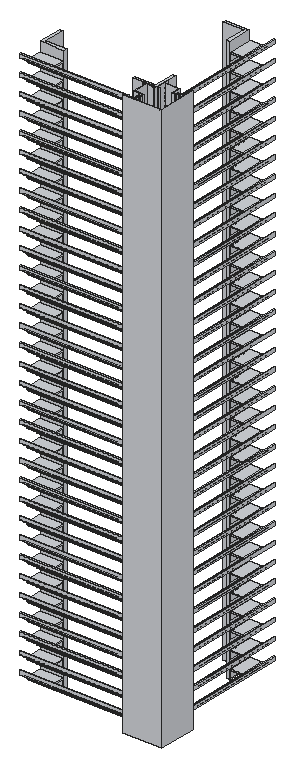
Revit family "ES-EL-2 (Box Corner)", category Mechanical Equipment, Revit 2015 (continued)
Automatic sketch dimensions
  Extrusion 18 sketch curve to Extrusion 18 sketch curve = 0' - 0.14616"
  Extrusion 18 sketch curve to Extrusion 18 sketch curve = 0' - 0.28177"
  Extrusion 18 sketch curve to Extrusion 18 sketch curve = 0' - 0.11395"
  Extrusion 18 sketch curve to Extrusion 18 sketch curve = 0' - 0.02803"
  Extrusion 18 sketch curve to Extrusion 18 sketch curve = 0' - 0.04285"
  Extrusion 18 sketch curve to Extrusion 18 sketch curve = 0' - 0.05082"
  Extrusion 18 sketch curve to Extrusion 18 sketch curve = 0' - 0.04592"
  Extrusion 18 sketch curve to Extrusion 18 sketch curve = 0' - 0.05616"
  Extrusion 18 sketch curve to Extrusion 18 sketch curve = 0' - 0.04871"
  Extrusion 19 sketch curve to Extrusion 19 sketch curve = 0' - 0.059"
  Extrusion 19 sketch curve to Extrusion 19 sketch curve = 0' - 0.09455"
  Extrusion 19 sketch curve to Extrusion 19 sketch curve = 0' - 0.16713"
  Extrusion 19 sketch curve to Extrusion 19 sketch curve = 0' - 0.10396"
  Extrusion 19 sketch curve to Extrusion 19 sketch curve = 0' - 0.04188"
  Extrusion 19 sketch curve to Extrusion 19 sketch curve = 0' - 0.07328"
  Extrusion 19 sketch curve to Extrusion 19 sketch curve = 0' - 0.03705"
  Extrusion 19 sketch curve to Extrusion 19 sketch curve = 0' - 0.06678"
  Extrusion 19 sketch curve to Extrusion 19 sketch curve = 0' - 0.03441"
  Extrusion 19 sketch curve to Extrusion 19 sketch curve = 0' - 0.08971"
  Extrusion 19 sketch curve to Extrusion 19 sketch curve = 0' - 0.06591"
  Extrusion 19 sketch curve to Extrusion 19 sketch curve = 0' - 0.02101"
  Extrusion 19 sketch curve to Extrusion 19 sketch curve = 0' - 0.08093"
  Extrusion 19 sketch curve to Extrusion 19 sketch curve = 0' - 0.0092"
  Extrusion 19 sketch curve to Extrusion 19 sketch curve = 0' - 0.0249"
  Extrusion 19 sketch curve to Extrusion 19 sketch curve = 0' - 0.04679"
  Extrusion 19 sketch curve to Extrusion 19 sketch curve = 0' - 0.04475"
  Extrusion 19 sketch curve to Extrusion 19 sketch curve = 0' - 0.03472"
  Extrusion 19 sketch curve to Extrusion 19 sketch curve = 0' - 0.04794"
  Extrusion 19 sketch curve to Extrusion 19 sketch curve = 0' - 0.09251"
  Extrusion 19 sketch curve to Extrusion 19 sketch curve = 0' - 0.01641"
  Extrusion 19 sketch curve to Extrusion 19 sketch curve = 0' - 0.10787"
  Extrusion 19 sketch curve to Extrusion 19 sketch curve = 0' - 0.07052"
  Extrusion 19 sketch curve to Extrusion 19 sketch curve = 0' - 0.02971"
  Extrusion 19 sketch curve to Extrusion 19 sketch curve = 0' - 0.03652"
  Extrusion 19 sketch curve to Extrusion 19 sketch curve = 0' - 0.06407"
  Extrusion 19 sketch curve to Extrusion 19 sketch curve = 0' - 0.0028"
  Extrusion 19 sketch curve to Extrusion 19 sketch curve = 0' - 0.17908"
  Extrusion 19 sketch curve to Extrusion 19 sketch curve = 0' - 0.0484"
  Extrusion 19 sketch curve to Extrusion 19 sketch curve = 0' - 0.00685"
  Extrusion 19 sketch curve to Extrusion 19 sketch curve = 0' - 0.02635"
  Extrusion 19 sketch curve to Extrusion 19 sketch curve = 0' - 0.03989"
  Extrusion 19 sketch curve to Extrusion 19 sketch curve = 0' - 0.07851"
  Extrusion 19 sketch curve to Extrusion 19 sketch curve = 0' - 0.04274"
  Extrusion 19 sketch curve to Extrusion 19 sketch curve = 0' - 0.05351"
  Extrusion 19 sketch curve to Extrusion 19 sketch curve = 0' - 0.13725"
  Extrusion 19 sketch curve to Extrusion 19 sketch curve = 0' - 0.01694"
  Extrusion 19 sketch curve to Extrusion 19 sketch curve = 0' - 0.06256"
  Extrusion 19 sketch curve to Extrusion 19 sketch curve = 0' - 0.06379"
  Extrusion 19 sketch curve to Extrusion 19 sketch curve = 0' - 0.06947"
  Extrusion 19 sketch curve to Extrusion 19 sketch curve = 0' - 0.00615"
  Extrusion 19 sketch curve to Extrusion 19 sketch curve = 0' - 0.0107"
  Extrusion 19 sketch curve to Extrusion 19 sketch curve = 0' - 0.06383"
  Extrusion 19 sketch curve to Extrusion 19 sketch curve = 0' - 0.00524"
  Extrusion 19 sketch curve to Extrusion 19 sketch curve = 0' - 0.05333"
  Extrusion 19 sketch curve to Extrusion 19 sketch curve = 0' - 0.02167"
  Extrusion 19 sketch curve to Extrusion 19 sketch curve = 0' - 0.06255"
  Extrusion 19 sketch curve to Extrusion 19 sketch curve = 0' - 0.01996"
  Extrusion 19 sketch curve to Extrusion 19 sketch curve = 0' - 0.07389"
  Extrusion 19 sketch curve to Extrusion 19 sketch curve = 0' - 0.08882"
  Extrusion 19 sketch curve to Extrusion 19 sketch curve = 0' - 0.14048"
  Extrusion 19 sketch curve to Extrusion 19 sketch curve = 0' - 0.13587"
  Extrusion 19 sketch curve to Extrusion 19 sketch curve = 0' - 0.03118"
  Extrusion 19 sketch curve to Extrusion 19 sketch curve = 0' - 0.07571"
  Extrusion 19 sketch curve to Extrusion 19 sketch curve = 0' - 0.01536"
  Extrusion 19 sketch curve to Extrusion 19 sketch curve = 0' - 0.04056"
  Extrusion 19 sketch curve to Extrusion 19 sketch curve = 0' - 0.01509"
  Extrusion 19 sketch curve to Extrusion 19 sketch curve = 0' - 0.03469"
  Extrusion 19 sketch curve to Extrusion 19 sketch curve = 0' - 0.06126"
  Extrusion 19 sketch curve to Extrusion 19 sketch curve = 0' - 0.11488"
  Extrusion 19 sketch curve to Extrusion 19 sketch curve = 0' - 0.04313"
  Extrusion 19 sketch curve to Extrusion 19 sketch curve = 0' - 0.03758"
  Extrusion 19 sketch curve to Extrusion 19 sketch curve = 0' - 0.00683"
  Extrusion 19 sketch curve to Extrusion 19 sketch curve = 0' - 0.05466"
  Extrusion 19 sketch curve to Extrusion 19 sketch curve = 0' - 0.08634"
  Extrusion 19 sketch curve to Extrusion 19 sketch curve = 0' - 0.0603"
  Extrusion 19 sketch curve to Extrusion 19 sketch curve = 0' - 0.05923"
  Extrusion 19 sketch curve to Extrusion 19 sketch curve = 0' - 0.03824"
  Extrusion 19 sketch curve to Extrusion 19 sketch curve = 0' - 0.02856"
  Extrusion 19 sketch curve to Extrusion 19 sketch curve = 0' - 0.01716"
  Extrusion 19 sketch curve to Extrusion 19 sketch curve = 0' - 0.08747"
  Extrusion 19 sketch curve to Extrusion 19 sketch curve = 0' - 0.01878"
  Extrusion 19 sketch curve to Extrusion 19 sketch curve = 0' - 0.03113"
  Extrusion 19 sketch curve to Extrusion 19 sketch curve = 0' - 0.06323"
  Extrusion 19 sketch curve to Extrusion 19 sketch curve = 0' - 0.04564"
  Extrusion 19 sketch curve to Extrusion 19 sketch curve = 0' - 0.03681"
  Extrusion 19 sketch curve to Extrusion 19 sketch curve = 0' - 0.00656"
  Extrusion 19 sketch curve to Extrusion 19 sketch curve = 0' - 0.04106"
  Extrusion 19 sketch curve to Extrusion 19 sketch curve = 0' - 0.04775"
  Extrusion 19 sketch curve to Extrusion 19 sketch curve = 0' - 0.03768"
  Extrusion 19 sketch curve to Extrusion 19 sketch curve = 0' - 0.03841"
  Extrusion 19 sketch curve to Extrusion 19 sketch curve = 0' - 0.03993"
  Extrusion 19 sketch curve to Extrusion 19 sketch curve = 0' - 0.01637"
  Extrusion 19 sketch curve to Extrusion 19 sketch curve = 0' - 0 1/8"
  Extrusion 19 sketch curve to Extrusion 19 sketch curve = 0' - 0.03201"
  Extrusion 19 sketch curve to Extrusion 19 sketch curve = 0' - 0.01218"
  Extrusion 19 sketch curve to Extrusion 19 sketch curve = 0' - 0.00093"
  Extrusion 19 sketch curve to Extrusion 19 sketch curve = 0' - 0.06293"
  Extrusion 19 sketch curve to Extrusion 19 sketch curve = 0' - 0.01359"
  Extrusion 19 sketch curve to Extrusion 19 sketch curve = 0' - 0.06169"
  Extrusion 19 sketch curve to Extrusion 19 sketch curve = 0' - 0.06257"
  Extrusion 19 sketch curve to Extrusion 19 sketch curve = 0' - 0.20021"
  Extrusion 19 sketch curve to Extrusion 19 sketch curve = 0' - 0.05817"
  Extrusion 19 sketch curve to Extrusion 19 sketch curve = 0' - 0.14616"
  Extrusion 19 sketch curve to Extrusion 19 sketch curve = 0' - 0.28177"
  Extrusion 19 sketch curve to Extrusion 19 sketch curve = 0' - 0.11395"
  Extrusion 19 sketch curve to Extrusion 19 sketch curve = 0' - 0.02803"
  Extrusion 19 sketch curve to Extrusion 19 sketch curve = 0' - 0.04285"
  Extrusion 19 sketch curve to Extrusion 19 sketch curve = 0' - 0.05082"
  Extrusion 19 sketch curve to Extrusion 19 sketch curve = 0' - 0.04592"
  Extrusion 19 sketch curve to Extrusion 19 sketch curve = 0' - 0.05616"
  Extrusion 19 sketch curve to Extrusion 19 sketch curve = 0' - 0.04871"
  Extrusion 20 sketch curve to Extrusion 20 sketch curve = 0' - 0.059"
  Extrusion 20 sketch curve to Extrusion 20 sketch curve = 0' - 0.09455"
  Extrusion 20 sketch curve to Extrusion 20 sketch curve = 0' - 0.16713"
  Extrusion 20 sketch curve to Extrusion 20 sketch curve = 0' - 0.10396"
  Extrusion 20 sketch curve to Extrusion 20 sketch curve = 0' - 0.04188"
  Extrusion 20 sketch curve to Extrusion 20 sketch curve = 0' - 0.07328"
  Extrusion 20 sketch curve to Extrusion 20 sketch curve = 0' - 0.03705"
  Extrusion 20 sketch curve to Extrusion 20 sketch curve = 0' - 0.06678"
  Extrusion 20 sketch curve to Extrusion 20 sketch curve = 0' - 0.03441"
  Extrusion 20 sketch curve to Extrusion 20 sketch curve = 0' - 0.08971"
  Extrusion 20 sketch curve to Extrusion 20 sketch curve = 0' - 0.06591"
  Extrusion 20 sketch curve to Extrusion 20 sketch curve = 0' - 0.02101"
  Extrusion 20 sketch curve to Extrusion 20 sketch curve = 0' - 0.08093"
  Extrusion 20 sketch curve to Extrusion 20 sketch curve = 0' - 0.0092"
  Extrusion 20 sketch curve to Extrusion 20 sketch curve = 0' - 0.0249"
  Extrusion 20 sketch curve to Extrusion 20 sketch curve = 0' - 0.04679"
  Extrusion 20 sketch curve to Extrusion 20 sketch curve = 0' - 0.04475"
  Extrusion 20 sketch curve to Extrusion 20 sketch curve = 0' - 0.03472"
  Extrusion 20 sketch curve to Extrusion 20 sketch curve = 0' - 0.04794"
  Extrusion 20 sketch curve to Extrusion 20 sketch curve = 0' - 0.09251"
  Extrusion 20 sketch curve to Extrusion 20 sketch curve = 0' - 0.01641"
  Extrusion 20 sketch curve to Extrusion 20 sketch curve = 0' - 0.10787"
  Extrusion 20 sketch curve to Extrusion 20 sketch curve = 0' - 0.07052"
  Extrusion 20 sketch curve to Extrusion 20 sketch curve = 0' - 0.02971"
  Extrusion 20 sketch curve to Extrusion 20 sketch curve = 0' - 0.03652"
  Extrusion 20 sketch curve to Extrusion 20 sketch curve = 0' - 0.06407"
  Extrusion 20 sketch curve to Extrusion 20 sketch curve = 0' - 0.0028"
  Extrusion 20 sketch curve to Extrusion 20 sketch curve = 0' - 0.17908"
  Extrusion 20 sketch curve to Extrusion 20 sketch curve = 0' - 0.0484"
  Extrusion 20 sketch curve to Extrusion 20 sketch curve = 0' - 0.00685"
  Extrusion 20 sketch curve to Extrusion 20 sketch curve = 0' - 0.02635"
  Extrusion 20 sketch curve to Extrusion 20 sketch curve = 0' - 0.03989"
  Extrusion 20 sketch curve to Extrusion 20 sketch curve = 0' - 0.07851"
  Extrusion 20 sketch curve to Extrusion 20 sketch curve = 0' - 0.04274"
  Extrusion 20 sketch curve to Extrusion 20 sketch curve = 0' - 0.05351"
  Extrusion 20 sketch curve to Extrusion 20 sketch curve = 0' - 0.13725"
  Extrusion 20 sketch curve to Extrusion 20 sketch curve = 0' - 0.01694"
  Extrusion 20 sketch curve to Extrusion 20 sketch curve = 0' - 0.06256"
  Extrusion 20 sketch curve to Extrusion 20 sketch curve = 0' - 0.06379"
  Extrusion 20 sketch curve to Extrusion 20 sketch curve = 0' - 0.06947"
  Extrusion 20 sketch curve to Extrusion 20 sketch curve = 0' - 0.00615"
  Extrusion 20 sketch curve to Extrusion 20 sketch curve = 0' - 0.0107"
  Extrusion 20 sketch curve to Extrusion 20 sketch curve = 0' - 0.06383"
  Extrusion 20 sketch curve to Extrusion 20 sketch curve = 0' - 0.00524"
  Extrusion 20 sketch curve to Extrusion 20 sketch curve = 0' - 0.05333"
  Extrusion 20 sketch curve to Extrusion 20 sketch curve = 0' - 0.02167"
  Extrusion 20 sketch curve to Extrusion 20 sketch curve = 0' - 0.06255"
  Extrusion 20 sketch curve to Extrusion 20 sketch curve = 0' - 0.01996"
  Extrusion 20 sketch curve to Extrusion 20 sketch curve = 0' - 0.07389"
  Extrusion 20 sketch curve to Extrusion 20 sketch curve = 0' - 0.08882"
  Extrusion 20 sketch curve to Extrusion 20 sketch curve = 0' - 0.14048"
  Extrusion 20 sketch curve to Extrusion 20 sketch curve = 0' - 0.13587"
  Extrusion 20 sketch curve to Extrusion 20 sketch curve = 0' - 0.03118"
  Extrusion 20 sketch curve to Extrusion 20 sketch curve = 0' - 0.07571"
  Extrusion 20 sketch curve to Extrusion 20 sketch curve = 0' - 0.01536"
  Extrusion 20 sketch curve to Extrusion 20 sketch curve = 0' - 0.04056"
  Extrusion 20 sketch curve to Extrusion 20 sketch curve = 0' - 0.01509"
  Extrusion 20 sketch curve to Extrusion 20 sketch curve = 0' - 0.03469"
  Extrusion 20 sketch curve to Extrusion 20 sketch curve = 0' - 0.06126"
  Extrusion 20 sketch curve to Extrusion 20 sketch curve = 0' - 0.11488"
  Extrusion 20 sketch curve to Extrusion 20 sketch curve = 0' - 0.04313"
  Extrusion 20 sketch curve to Extrusion 20 sketch curve = 0' - 0.03758"
  Extrusion 20 sketch curve to Extrusion 20 sketch curve = 0' - 0.00683"
  Extrusion 20 sketch curve to Extrusion 20 sketch curve = 0' - 0.05466"
  Extrusion 20 sketch curve to Extrusion 20 sketch curve = 0' - 0.08634"
  Extrusion 20 sketch curve to Extrusion 20 sketch curve = 0' - 0.0603"
  Extrusion 20 sketch curve to Extrusion 20 sketch curve = 0' - 0.05923"
  Extrusion 20 sketch curve to Extrusion 20 sketch curve = 0' - 0.03824"
  Extrusion 20 sketch curve to Extrusion 20 sketch curve = 0' - 0.02856"
  Extrusion 20 sketch curve to Extrusion 20 sketch curve = 0' - 0.01716"
  Extrusion 20 sketch curve to Extrusion 20 sketch curve = 0' - 0.08747"
  Extrusion 20 sketch curve to Extrusion 20 sketch curve = 0' - 0.01878"
  Extrusion 20 sketch curve to Extrusion 20 sketch curve = 0' - 0.03113"
  Extrusion 20 sketch curve to Extrusion 20 sketch curve = 0' - 0.06323"
  Extrusion 20 sketch curve to Extrusion 20 sketch curve = 0' - 0.04564"
  Extrusion 20 sketch curve to Extrusion 20 sketch curve = 0' - 0.03681"
  Extrusion 20 sketch curve to Extrusion 20 sketch curve = 0' - 0.00656"
  Extrusion 20 sketch curve to Extrusion 20 sketch curve = 0' - 0.04106"
  Extrusion 20 sketch curve to Extrusion 20 sketch curve = 0' - 0.04775"
  Extrusion 20 sketch curve to Extrusion 20 sketch curve = 0' - 0.03768"
  Extrusion 20 sketch curve to Extrusion 20 sketch curve = 0' - 0.03841"
  Extrusion 20 sketch curve to Extrusion 20 sketch curve = 0' - 0.03993"
  Extrusion 20 sketch curve to Extrusion 20 sketch curve = 0' - 0.01637"
  Extrusion 20 sketch curve to Extrusion 20 sketch curve = 0' - 0 1/8"
  Extrusion 20 sketch curve to Extrusion 20 sketch curve = 0' - 0.03201"
  Extrusion 20 sketch curve to Extrusion 20 sketch curve = 0' - 0.01218"
  Extrusion 20 sketch curve to Extrusion 20 sketch curve = 0' - 0.00093"
  Extrusion 20 sketch curve to Extrusion 20 sketch curve = 0' - 0.06293"
  Extrusion 20 sketch curve to Extrusion 20 sketch curve = 0' - 0.01359"
  Extrusion 20 sketch curve to Extrusion 20 sketch curve = 0' - 0.06169"
  Extrusion 20 sketch curve to Extrusion 20 sketch curve = 0' - 0.06257"
  Extrusion 20 sketch curve to Extrusion 20 sketch curve = 0' - 0.20021"
  Extrusion 20 sketch curve to Extrusion 20 sketch curve = 0' - 0.05817"
  Extrusion 20 sketch curve to Extrusion 20 sketch curve = 0' - 0.14616"
  Extrusion 20 sketch curve to Extrusion 20 sketch curve = 0' - 0.28177"
  Extrusion 20 sketch curve to Extrusion 20 sketch curve = 0' - 0.11395"
  Extrusion 20 sketch curve to Extrusion 20 sketch curve = 0' - 0.02803"
  Extrusion 20 sketch curve to Extrusion 20 sketch curve = 0' - 0.04285"
  Extrusion 20 sketch curve to Extrusion 20 sketch curve = 0' - 0.05082"
  Extrusion 20 sketch curve to Extrusion 20 sketch curve = 0' - 0.04592"
  Extrusion 20 sketch curve to Extrusion 20 sketch curve = 0' - 0.05616"
  Extrusion 20 sketch curve to Extrusion 20 sketch curve = 0' - 0.04871"
  Extrusion 21 sketch curve to Extrusion 21 sketch curve = 0' - 0.059"
  Extrusion 21 sketch curve to Extrusion 21 sketch curve = 0' - 0.09455"
  Extrusion 21 sketch curve to Extrusion 21 sketch curve = 0' - 0.16713"
  Extrusion 21 sketch curve to Extrusion 21 sketch curve = 0' - 0.10396"
  Extrusion 21 sketch curve to Extrusion 21 sketch curve = 0' - 0.04188"
  Extrusion 21 sketch curve to Extrusion 21 sketch curve = 0' - 0.07328"
  Extrusion 21 sketch curve to Extrusion 21 sketch curve = 0' - 0.03705"
  Extrusion 21 sketch curve to Extrusion 21 sketch curve = 0' - 0.06678"
  Extrusion 21 sketch curve to Extrusion 21 sketch curve = 0' - 0.03441"
  Extrusion 21 sketch curve to Extrusion 21 sketch curve = 0' - 0.08971"
  Extrusion 21 sketch curve to Extrusion 21 sketch curve = 0' - 0.06591"
  Extrusion 21 sketch curve to Extrusion 21 sketch curve = 0' - 0.02101"
  Extrusion 21 sketch curve to Extrusion 21 sketch curve = 0' - 0.08093"
  Extrusion 21 sketch curve to Extrusion 21 sketch curve = 0' - 0.0092"
  Extrusion 21 sketch curve to Extrusion 21 sketch curve = 0' - 0.0249"
  Extrusion 21 sketch curve to Extrusion 21 sketch curve = 0' - 0.04679"
  Extrusion 21 sketch curve to Extrusion 21 sketch curve = 0' - 0.04475"
  Extrusion 21 sketch curve to Extrusion 21 sketch curve = 0' - 0.03472"
  Extrusion 21 sketch curve to Extrusion 21 sketch curve = 0' - 0.04794"
  Extrusion 21 sketch curve to Extrusion 21 sketch curve = 0' - 0.09251"
  Extrusion 21 sketch curve to Extrusion 21 sketch curve = 0' - 0.01641"
  Extrusion 21 sketch curve to Extrusion 21 sketch curve = 0' - 0.10787"
  Extrusion 21 sketch curve to Extrusion 21 sketch curve = 0' - 0.07052"
  Extrusion 21 sketch curve to Extrusion 21 sketch curve = 0' - 0.02971"
  Extrusion 21 sketch curve to Extrusion 21 sketch curve = 0' - 0.03652"
  Extrusion 21 sketch curve to Extrusion 21 sketch curve = 0' - 0.06407"
  Extrusion 21 sketch curve to Extrusion 21 sketch curve = 0' - 0.0028"
  Extrusion 21 sketch curve to Extrusion 21 sketch curve = 0' - 0.17908"
  Extrusion 21 sketch curve to Extrusion 21 sketch curve = 0' - 0.0484"
  Extrusion 21 sketch curve to Extrusion 21 sketch curve = 0' - 0.00685"
  Extrusion 21 sketch curve to Extrusion 21 sketch curve = 0' - 0.02635"
  Extrusion 21 sketch curve to Extrusion 21 sketch curve = 0' - 0.03989"
  Extrusion 21 sketch curve to Extrusion 21 sketch curve = 0' - 0.07851"
  Extrusion 21 sketch curve to Extrusion 21 sketch curve = 0' - 0.04274"
  Extrusion 21 sketch curve to Extrusion 21 sketch curve = 0' - 0.05351"
  Extrusion 21 sketch curve to Extrusion 21 sketch curve = 0' - 0.13725"
  Extrusion 21 sketch curve to Extrusion 21 sketch curve = 0' - 0.01694"
  Extrusion 21 sketch curve to Extrusion 21 sketch curve = 0' - 0.06256"
  Extrusion 21 sketch curve to Extrusion 21 sketch curve = 0' - 0.06379"
  Extrusion 21 sketch curve to Extrusion 21 sketch curve = 0' - 0.06947"
  Extrusion 21 sketch curve to Extrusion 21 sketch curve = 0' - 0.00615"
  Extrusion 21 sketch curve to Extrusion 21 sketch curve = 0' - 0.0107"
  Extrusion 21 sketch curve to Extrusion 21 sketch curve = 0' - 0.06383"
  Extrusion 21 sketch curve to Extrusion 21 sketch curve = 0' - 0.00524"
  Extrusion 21 sketch curve to Extrusion 21 sketch curve = 0' - 0.05333"
  Extrusion 21 sketch curve to Extrusion 21 sketch curve = 0' - 0.02167"
  Extrusion 21 sketch curve to Extrusion 21 sketch curve = 0' - 0.06255"
  Extrusion 21 sketch curve to Extrusion 21 sketch curve = 0' - 0.01996"
  Extrusion 21 sketch curve to Extrusion 21 sketch curve = 0' - 0.07389"
  Extrusion 21 sketch curve to Extrusion 21 sketch curve = 0' - 0.08882"
  Extrusion 21 sketch curve to Extrusion 21 sketch curve = 0' - 0.14048"
  Extrusion 21 sketch curve to Extrusion 21 sketch curve = 0' - 0.13587"
  Extrusion 21 sketch curve to Extrusion 21 sketch curve = 0' - 0.03118"
  Extrusion 21 sketch curve to Extrusion 21 sketch curve = 0' - 0.07571"
  Extrusion 21 sketch curve to Extrusion 21 sketch curve = 0' - 0.01536"
  Extrusion 21 sketch curve to Extrusion 21 sketch curve = 0' - 0.04056"
  Extrusion 21 sketch curve to Extrusion 21 sketch curve = 0' - 0.01509"
  Extrusion 21 sketch curve to Extrusion 21 sketch curve = 0' - 0.03469"
  Extrusion 21 sketch curve to Extrusion 21 sketch curve = 0' - 0.06126"
  Extrusion 21 sketch curve to Extrusion 21 sketch curve = 0' - 0.11488"
  Extrusion 21 sketch curve to Extrusion 21 sketch curve = 0' - 0.04313"
  Extrusion 21 sketch curve to Extrusion 21 sketch curve = 0' - 0.03758"
  Extrusion 21 sketch curve to Extrusion 21 sketch curve = 0' - 0.00683"
  Extrusion 21 sketch curve to Extrusion 21 sketch curve = 0' - 0.05466"
  Extrusion 21 sketch curve to Extrusion 21 sketch curve = 0' - 0.08634"
  Extrusion 21 sketch curve to Extrusion 21 sketch curve = 0' - 0.0603"
  Extrusion 21 sketch curve to Extrusion 21 sketch curve = 0' - 0.05923"
  Extrusion 21 sketch curve to Extrusion 21 sketch curve = 0' - 0.03824"
  Extrusion 21 sketch curve to Extrusion 21 sketch curve = 0' - 0.02856"
  Extrusion 21 sketch curve to Extrusion 21 sketch curve = 0' - 0.01716"
  Extrusion 21 sketch curve to Extrusion 21 sketch curve = 0' - 0.08747"
  Extrusion 21 sketch curve to Extrusion 21 sketch curve = 0' - 0.01878"
  Extrusion 21 sketch curve to Extrusion 21 sketch curve = 0' - 0.03113"
  Extrusion 21 sketch curve to Extrusion 21 sketch curve = 0' - 0.06323"
  Extrusion 21 sketch curve to Extrusion 21 sketch curve = 0' - 0.04564"
  Extrusion 21 sketch curve to Extrusion 21 sketch curve = 0' - 0.03681"
  Extrusion 21 sketch curve to Extrusion 21 sketch curve = 0' - 0.00656"
  Extrusion 21 sketch curve to Extrusion 21 sketch curve = 0' - 0.04106"
  Extrusion 21 sketch curve to Extrusion 21 sketch curve = 0' - 0.04775"
  Extrusion 21 sketch curve to Extrusion 21 sketch curve = 0' - 0.03768"
  Extrusion 21 sketch curve to Extrusion 21 sketch curve = 0' - 0.03841"
  Extrusion 21 sketch curve to Extrusion 21 sketch curve = 0' - 0.03993"
  Extrusion 21 sketch curve to Extrusion 21 sketch curve = 0' - 0.01637"
  Extrusion 21 sketch curve to Extrusion 21 sketch curve = 0' - 0 1/8"
  Extrusion 21 sketch curve to Extrusion 21 sketch curve = 0' - 0.03201"
  Extrusion 21 sketch curve to Extrusion 21 sketch curve = 0' - 0.01218"
  Extrusion 21 sketch curve to Extrusion 21 sketch curve = 0' - 0.00093"
  Extrusion 21 sketch curve to Extrusion 21 sketch curve = 0' - 0.06293"
  Extrusion 21 sketch curve to Extrusion 21 sketch curve = 0' - 0.01359"
  Extrusion 21 sketch curve to Extrusion 21 sketch curve = 0' - 0.06169"
  Extrusion 21 sketch curve to Extrusion 21 sketch curve = 0' - 0.06257"
  Extrusion 21 sketch curve to Extrusion 21 sketch curve = 0' - 0.20021"
  Extrusion 21 sketch curve to Extrusion 21 sketch curve = 0' - 0.05817"
  Extrusion 21 sketch curve to Extrusion 21 sketch curve = 0' - 0.14616"
  Extrusion 21 sketch curve to Extrusion 21 sketch curve = 0' - 0.28177"
  Extrusion 21 sketch curve to Extrusion 21 sketch curve = 0' - 0.11395"
  Extrusion 21 sketch curve to Extrusion 21 sketch curve = 0' - 0.02803"
  Extrusion 21 sketch curve to Extrusion 21 sketch curve = 0' - 0.04285"
  Extrusion 21 sketch curve to Extrusion 21 sketch curve = 0' - 0.05082"
  Extrusion 21 sketch curve to Extrusion 21 sketch curve = 0' - 0.04592"
  Extrusion 21 sketch curve to Extrusion 21 sketch curve = 0' - 0.05616"
  Extrusion 21 sketch curve to Extrusion 21 sketch curve = 0' - 0.04871"
  Extrusion 4 sketch curve to Extrusion 4 sketch curve = 0' - 0.14616"
  Extrusion 4 sketch curve to Extrusion 4 sketch curve = 0' - 0.04871"
  Extrusion 4 sketch curve to Extrusion 4 sketch curve = 0' - 0.05895"
  Extrusion 4 sketch curve to Extrusion 4 sketch curve = 0' - 0.04592"
  Extrusion 4 sketch curve to Extrusion 4 sketch curve = 0' - 0.05389"
  Extrusion 4 sketch curve to Extrusion 4 sketch curve = 0' - 0.04285"
  Extrusion 4 sketch curve to Extrusion 4 sketch curve = 0' - 0.07088"
  Extrusion 4 sketch curve to Extrusion 4 sketch curve = 0' - 0.11395"
  Extrusion 4 sketch curve to Extrusion 4 sketch curve = 0' - 0.28177"
  Extrusion 22 sketch curve to Extrusion 22 sketch curve = 0' - 0.059"
  Extrusion 22 sketch curve to Extrusion 22 sketch curve = 0' - 0.09455"
  Extrusion 22 sketch curve to Extrusion 22 sketch curve = 0' - 0.16713"
  Extrusion 22 sketch curve to Extrusion 22 sketch curve = 0' - 0.10396"
  Extrusion 22 sketch curve to Extrusion 22 sketch curve = 0' - 0.04188"
  Extrusion 22 sketch curve to Extrusion 22 sketch curve = 0' - 0.07328"
  Extrusion 22 sketch curve to Extrusion 22 sketch curve = 0' - 0.03705"
  Extrusion 22 sketch curve to Extrusion 22 sketch curve = 0' - 0.06678"
  Extrusion 22 sketch curve to Extrusion 22 sketch curve = 0' - 0.03441"
  Extrusion 22 sketch curve to Extrusion 22 sketch curve = 0' - 0.08971"
  Extrusion 22 sketch curve to Extrusion 22 sketch curve = 0' - 0.06591"
  Extrusion 22 sketch curve to Extrusion 22 sketch curve = 0' - 0.02101"
  Extrusion 22 sketch curve to Extrusion 22 sketch curve = 0' - 0.08093"
  Extrusion 22 sketch curve to Extrusion 22 sketch curve = 0' - 0.0092"
  Extrusion 22 sketch curve to Extrusion 22 sketch curve = 0' - 0.0249"
  Extrusion 22 sketch curve to Extrusion 22 sketch curve = 0' - 0.04679"
  Extrusion 22 sketch curve to Extrusion 22 sketch curve = 0' - 0.04475"
  Extrusion 22 sketch curve to Extrusion 22 sketch curve = 0' - 0.03472"
  Extrusion 22 sketch curve to Extrusion 22 sketch curve = 0' - 0.04794"
  Extrusion 22 sketch curve to Extrusion 22 sketch curve = 0' - 0.09251"
  Extrusion 22 sketch curve to Extrusion 22 sketch curve = 0' - 0.01641"
  Extrusion 22 sketch curve to Extrusion 22 sketch curve = 0' - 0.10787"
  Extrusion 22 sketch curve to Extrusion 22 sketch curve = 0' - 0.07052"
  Extrusion 22 sketch curve to Extrusion 22 sketch curve = 0' - 0.02971"
  Extrusion 22 sketch curve to Extrusion 22 sketch curve = 0' - 0.03652"
  Extrusion 22 sketch curve to Extrusion 22 sketch curve = 0' - 0.06407"
  Extrusion 22 sketch curve to Extrusion 22 sketch curve = 0' - 0.0028"
  Extrusion 22 sketch curve to Extrusion 22 sketch curve = 0' - 0.17908"
  Extrusion 22 sketch curve to Extrusion 22 sketch curve = 0' - 0.0484"
  Extrusion 22 sketch curve to Extrusion 22 sketch curve = 0' - 0.00685"
  Extrusion 22 sketch curve to Extrusion 22 sketch curve = 0' - 0.02635"
  Extrusion 22 sketch curve to Extrusion 22 sketch curve = 0' - 0.03989"
  Extrusion 22 sketch curve to Extrusion 22 sketch curve = 0' - 0.07851"
  Extrusion 22 sketch curve to Extrusion 22 sketch curve = 0' - 0.04274"
  Extrusion 22 sketch curve to Extrusion 22 sketch curve = 0' - 0.05351"
  Extrusion 22 sketch curve to Extrusion 22 sketch curve = 0' - 0.13725"
  Extrusion 22 sketch curve to Extrusion 22 sketch curve = 0' - 0.01694"
  Extrusion 22 sketch curve to Extrusion 22 sketch curve = 0' - 0.06256"
  Extrusion 22 sketch curve to Extrusion 22 sketch curve = 0' - 0.06379"
  Extrusion 22 sketch curve to Extrusion 22 sketch curve = 0' - 0.06947"
  Extrusion 22 sketch curve to Extrusion 22 sketch curve = 0' - 0.00615"
  Extrusion 22 sketch curve to Extrusion 22 sketch curve = 0' - 0.0107"
  Extrusion 22 sketch curve to Extrusion 22 sketch curve = 0' - 0.06383"
  Extrusion 22 sketch curve to Extrusion 22 sketch curve = 0' - 0.00524"
  Extrusion 22 sketch curve to Extrusion 22 sketch curve = 0' - 0.05333"
  Extrusion 22 sketch curve to Extrusion 22 sketch curve = 0' - 0.02167"
  Extrusion 22 sketch curve to Extrusion 22 sketch curve = 0' - 0.06255"
  Extrusion 22 sketch curve to Extrusion 22 sketch curve = 0' - 0.01996"
  Extrusion 22 sketch curve to Extrusion 22 sketch curve = 0' - 0.07389"
  Extrusion 22 sketch curve to Extrusion 22 sketch curve = 0' - 0.08882"
  Extrusion 22 sketch curve to Extrusion 22 sketch curve = 0' - 0.14048"
  Extrusion 22 sketch curve to Extrusion 22 sketch curve = 0' - 0.07571"
  Extrusion 22 sketch curve to Extrusion 22 sketch curve = 0' - 0.01536"
  Extrusion 22 sketch curve to Extrusion 22 sketch curve = 0' - 0.04056"
  Extrusion 22 sketch curve to Extrusion 22 sketch curve = 0' - 0.01509"
  Extrusion 22 sketch curve to Extrusion 22 sketch curve = 0' - 0.03469"
  Extrusion 22 sketch curve to Extrusion 22 sketch curve = 0' - 0.06126"
  Extrusion 22 sketch curve to Extrusion 22 sketch curve = 0' - 0.11488"
  Extrusion 22 sketch curve to Extrusion 22 sketch curve = 0' - 0.04313"
  Extrusion 22 sketch curve to Extrusion 22 sketch curve = 0' - 0.03758"
  Extrusion 22 sketch curve to Extrusion 22 sketch curve = 0' - 0.00683"
  Extrusion 22 sketch curve to Extrusion 22 sketch curve = 0' - 0.05466"
  Extrusion 22 sketch curve to Extrusion 22 sketch curve = 0' - 0.08634"
  Extrusion 22 sketch curve to Extrusion 22 sketch curve = 0' - 0.0603"
  Extrusion 22 sketch curve to Extrusion 22 sketch curve = 0' - 0.05923"
  Extrusion 22 sketch curve to Extrusion 22 sketch curve = 0' - 0.03824"
  Extrusion 22 sketch curve to Extrusion 22 sketch curve = 0' - 0.02856"
  Extrusion 22 sketch curve to Extrusion 22 sketch curve = 0' - 0.01716"
  Extrusion 22 sketch curve to Extrusion 22 sketch curve = 0' - 0.08747"
  Extrusion 22 sketch curve to Extrusion 22 sketch curve = 0' - 0.01878"
  Extrusion 22 sketch curve to Extrusion 22 sketch curve = 0' - 0.03113"
  Extrusion 22 sketch curve to Extrusion 22 sketch curve = 0' - 0.06323"
  Extrusion 22 sketch curve to Extrusion 22 sketch curve = 0' - 0.04564"
  Extrusion 22 sketch curve to Extrusion 22 sketch curve = 0' - 0.03681"
  Extrusion 22 sketch curve to Extrusion 22 sketch curve = 0' - 0.00656"
  Extrusion 22 sketch curve to Extrusion 22 sketch curve = 0' - 0.04106"
  Extrusion 22 sketch curve to Extrusion 22 sketch curve = 0' - 0.04775"
  Extrusion 22 sketch curve to Extrusion 22 sketch curve = 0' - 0.03768"
  Extrusion 22 sketch curve to Extrusion 22 sketch curve = 0' - 0.03841"
  Extrusion 22 sketch curve to Extrusion 22 sketch curve = 0' - 0.03993"
  Extrusion 22 sketch curve to Extrusion 22 sketch curve = 0' - 0.01637"
  Extrusion 22 sketch curve to Extrusion 22 sketch curve = 0' - 0 1/8"
  Extrusion 22 sketch curve to Extrusion 22 sketch curve = 0' - 0.03201"
  Extrusion 22 sketch curve to Extrusion 22 sketch curve = 0' - 0.01218"
  Extrusion 22 sketch curve to Extrusion 22 sketch curve = 0' - 0.00093"
  Extrusion 22 sketch curve to Extrusion 22 sketch curve = 0' - 0.06293"
  Extrusion 22 sketch curve to Extrusion 22 sketch curve = 0' - 0.01359"
  Extrusion 22 sketch curve to Extrusion 22 sketch curve = 0' - 0.06169"
  Extrusion 22 sketch curve to Extrusion 22 sketch curve = 0' - 0.06257"
  Extrusion 22 sketch curve to Extrusion 22 sketch curve = 0' - 0.20021"
  Extrusion 22 sketch curve to Extrusion 22 sketch curve = 0' - 0.05817"
  Extrusion 22 sketch curve to Extrusion 22 sketch curve = 0' - 0.10469"
  Extrusion 22 sketch curve to Extrusion 22 sketch curve = 0' - 0.03118"
  Extrusion 22 sketch curve to Extrusion 22 sketch curve = 0' - 0.14616"
  Extrusion 22 sketch curve to Extrusion 22 sketch curve = 0' - 0.04871"
  Extrusion 22 sketch curve to Extrusion 22 sketch curve = 0' - 0.05895"
  Extrusion 22 sketch curve to Extrusion 22 sketch curve = 0' - 0.04592"
  Extrusion 22 sketch curve to Extrusion 22 sketch curve = 0' - 0.05389"
  Extrusion 22 sketch curve to Extrusion 22 sketch curve = 0' - 0.04285"
  Extrusion 22 sketch curve to Extrusion 22 sketch curve = 0' - 0.07088"
  Extrusion 22 sketch curve to Extrusion 22 sketch curve = 0' - 0.11395"
  Extrusion 22 sketch curve to Extrusion 22 sketch curve = 0' - 0.28177"
  Extrusion 23 sketch curve to Extrusion 23 sketch curve = 0' - 0.059"
  Extrusion 23 sketch curve to Extrusion 23 sketch curve = 0' - 0.09455"
  Extrusion 23 sketch curve to Extrusion 23 sketch curve = 0' - 0.16713"
  Extrusion 23 sketch curve to Extrusion 23 sketch curve = 0' - 0.10396"
  Extrusion 23 sketch curve to Extrusion 23 sketch curve = 0' - 0.04188"
  Extrusion 23 sketch curve to Extrusion 23 sketch curve = 0' - 0.07328"
  Extrusion 23 sketch curve to Extrusion 23 sketch curve = 0' - 0.03705"
  Extrusion 23 sketch curve to Extrusion 23 sketch curve = 0' - 0.06678"
  Extrusion 23 sketch curve to Extrusion 23 sketch curve = 0' - 0.03441"
  Extrusion 23 sketch curve to Extrusion 23 sketch curve = 0' - 0.08971"
  Extrusion 23 sketch curve to Extrusion 23 sketch curve = 0' - 0.06591"
  Extrusion 23 sketch curve to Extrusion 23 sketch curve = 0' - 0.02101"
  Extrusion 23 sketch curve to Extrusion 23 sketch curve = 0' - 0.08093"
  Extrusion 23 sketch curve to Extrusion 23 sketch curve = 0' - 0.0092"
  Extrusion 23 sketch curve to Extrusion 23 sketch curve = 0' - 0.0249"
  Extrusion 23 sketch curve to Extrusion 23 sketch curve = 0' - 0.04679"
  Extrusion 23 sketch curve to Extrusion 23 sketch curve = 0' - 0.04475"
  Extrusion 23 sketch curve to Extrusion 23 sketch curve = 0' - 0.03472"
  Extrusion 23 sketch curve to Extrusion 23 sketch curve = 0' - 0.04794"
  Extrusion 23 sketch curve to Extrusion 23 sketch curve = 0' - 0.09251"
  Extrusion 23 sketch curve to Extrusion 23 sketch curve = 0' - 0.01641"
  Extrusion 23 sketch curve to Extrusion 23 sketch curve = 0' - 0.10787"
  Extrusion 23 sketch curve to Extrusion 23 sketch curve = 0' - 0.07052"
  Extrusion 23 sketch curve to Extrusion 23 sketch curve = 0' - 0.02971"
  Extrusion 23 sketch curve to Extrusion 23 sketch curve = 0' - 0.03652"
  Extrusion 23 sketch curve to Extrusion 23 sketch curve = 0' - 0.06407"
  Extrusion 23 sketch curve to Extrusion 23 sketch curve = 0' - 0.0028"
  Extrusion 23 sketch curve to Extrusion 23 sketch curve = 0' - 0.17908"
  Extrusion 23 sketch curve to Extrusion 23 sketch curve = 0' - 0.0484"
  Extrusion 23 sketch curve to Extrusion 23 sketch curve = 0' - 0.00685"
  Extrusion 23 sketch curve to Extrusion 23 sketch curve = 0' - 0.02635"
  Extrusion 23 sketch curve to Extrusion 23 sketch curve = 0' - 0.03989"
  Extrusion 23 sketch curve to Extrusion 23 sketch curve = 0' - 0.07851"
  Extrusion 23 sketch curve to Extrusion 23 sketch curve = 0' - 0.04274"
  Extrusion 23 sketch curve to Extrusion 23 sketch curve = 0' - 0.05351"
  Extrusion 23 sketch curve to Extrusion 23 sketch curve = 0' - 0.13725"
  Extrusion 23 sketch curve to Extrusion 23 sketch curve = 0' - 0.01694"
  Extrusion 23 sketch curve to Extrusion 23 sketch curve = 0' - 0.06256"
  Extrusion 23 sketch curve to Extrusion 23 sketch curve = 0' - 0.06379"
  Extrusion 23 sketch curve to Extrusion 23 sketch curve = 0' - 0.06947"
  Extrusion 23 sketch curve to Extrusion 23 sketch curve = 0' - 0.00615"
  Extrusion 23 sketch curve to Extrusion 23 sketch curve = 0' - 0.0107"
  Extrusion 23 sketch curve to Extrusion 23 sketch curve = 0' - 0.06383"
  Extrusion 23 sketch curve to Extrusion 23 sketch curve = 0' - 0.00524"
  Extrusion 23 sketch curve to Extrusion 23 sketch curve = 0' - 0.05333"
  Extrusion 23 sketch curve to Extrusion 23 sketch curve = 0' - 0.02167"
  Extrusion 23 sketch curve to Extrusion 23 sketch curve = 0' - 0.06255"
  Extrusion 23 sketch curve to Extrusion 23 sketch curve = 0' - 0.01996"
  Extrusion 23 sketch curve to Extrusion 23 sketch curve = 0' - 0.07389"
  Extrusion 23 sketch curve to Extrusion 23 sketch curve = 0' - 0.08882"
  Extrusion 23 sketch curve to Extrusion 23 sketch curve = 0' - 0.14048"
  Extrusion 23 sketch curve to Extrusion 23 sketch curve = 0' - 0.07571"
  Extrusion 23 sketch curve to Extrusion 23 sketch curve = 0' - 0.01536"
  Extrusion 23 sketch curve to Extrusion 23 sketch curve = 0' - 0.04056"
  Extrusion 23 sketch curve to Extrusion 23 sketch curve = 0' - 0.01509"
  Extrusion 23 sketch curve to Extrusion 23 sketch curve = 0' - 0.03469"
  Extrusion 23 sketch curve to Extrusion 23 sketch curve = 0' - 0.06126"
  Extrusion 23 sketch curve to Extrusion 23 sketch curve = 0' - 0.11488"
  Extrusion 23 sketch curve to Extrusion 23 sketch curve = 0' - 0.04313"
  Extrusion 23 sketch curve to Extrusion 23 sketch curve = 0' - 0.03758"
  Extrusion 23 sketch curve to Extrusion 23 sketch curve = 0' - 0.00683"
  Extrusion 23 sketch curve to Extrusion 23 sketch curve = 0' - 0.05466"
  Extrusion 23 sketch curve to Extrusion 23 sketch curve = 0' - 0.08634"
  Extrusion 23 sketch curve to Extrusion 23 sketch curve = 0' - 0.0603"
  Extrusion 23 sketch curve to Extrusion 23 sketch curve = 0' - 0.05923"
  Extrusion 23 sketch curve to Extrusion 23 sketch curve = 0' - 0.03824"
  Extrusion 23 sketch curve to Extrusion 23 sketch curve = 0' - 0.02856"
  Extrusion 23 sketch curve to Extrusion 23 sketch curve = 0' - 0.01716"
  Extrusion 23 sketch curve to Extrusion 23 sketch curve = 0' - 0.08747"
  Extrusion 23 sketch curve to Extrusion 23 sketch curve = 0' - 0.01878"
  Extrusion 23 sketch curve to Extrusion 23 sketch curve = 0' - 0.03113"
  Extrusion 23 sketch curve to Extrusion 23 sketch curve = 0' - 0.06323"
  Extrusion 23 sketch curve to Extrusion 23 sketch curve = 0' - 0.04564"
  Extrusion 23 sketch curve to Extrusion 23 sketch curve = 0' - 0.03681"
  Extrusion 23 sketch curve to Extrusion 23 sketch curve = 0' - 0.00656"
  Extrusion 23 sketch curve to Extrusion 23 sketch curve = 0' - 0.04106"
  Extrusion 23 sketch curve to Extrusion 23 sketch curve = 0' - 0.04775"
  Extrusion 23 sketch curve to Extrusion 23 sketch curve = 0' - 0.03768"
  Extrusion 23 sketch curve to Extrusion 23 sketch curve = 0' - 0.03841"
  Extrusion 23 sketch curve to Extrusion 23 sketch curve = 0' - 0.03993"
  Extrusion 23 sketch curve to Extrusion 23 sketch curve = 0' - 0.01637"
  Extrusion 23 sketch curve to Extrusion 23 sketch curve = 0' - 0 1/8"
  Extrusion 23 sketch curve to Extrusion 23 sketch curve = 0' - 0.03201"
  Extrusion 23 sketch curve to Extrusion 23 sketch curve = 0' - 0.01218"
  Extrusion 23 sketch curve to Extrusion 23 sketch curve = 0' - 0.00093"
  Extrusion 23 sketch curve to Extrusion 23 sketch curve = 0' - 0.06293"
  Extrusion 23 sketch curve to Extrusion 23 sketch curve = 0' - 0.01359"
  Extrusion 23 sketch curve to Extrusion 23 sketch curve = 0' - 0.06169"
  Extrusion 23 sketch curve to Extrusion 23 sketch curve = 0' - 0.06257"
  Extrusion 23 sketch curve to Extrusion 23 sketch curve = 0' - 0.20021"
  Extrusion 23 sketch curve to Extrusion 23 sketch curve = 0' - 0.05817"
  Extrusion 23 sketch curve to Extrusion 23 sketch curve = 0' - 0.10469"
  Extrusion 23 sketch curve to Extrusion 23 sketch curve = 0' - 0.03118"
  Extrusion 23 sketch curve to Extrusion 23 sketch curve = 0' - 0.14616"
  Extrusion 23 sketch curve to Extrusion 23 sketch curve = 0' - 0.04871"
  Extrusion 23 sketch curve to Extrusion 23 sketch curve = 0' - 0.05895"
  Extrusion 23 sketch curve to Extrusion 23 sketch curve = 0' - 0.04592"
  Extrusion 23 sketch curve to Extrusion 23 sketch curve = 0' - 0.05389"
  Extrusion 23 sketch curve to Extrusion 23 sketch curve = 0' - 0.04285"
  Extrusion 23 sketch curve to Extrusion 23 sketch curve = 0' - 0.07088"
  Extrusion 23 sketch curve to Extrusion 23 sketch curve = 0' - 0.11395"
  Extrusion 23 sketch curve to Extrusion 23 sketch curve = 0' - 0.28177"
  Extrusion 24 sketch curve to Extrusion 24 sketch curve = 0' - 0.059"
  Extrusion 24 sketch curve to Extrusion 24 sketch curve = 0' - 0.09455"
  Extrusion 24 sketch curve to Extrusion 24 sketch curve = 0' - 0.16713"
  Extrusion 24 sketch curve to Extrusion 24 sketch curve = 0' - 0.10396"
  Extrusion 24 sketch curve to Extrusion 24 sketch curve = 0' - 0.04188"
  Extrusion 24 sketch curve to Extrusion 24 sketch curve = 0' - 0.07328"
  Extrusion 24 sketch curve to Extrusion 24 sketch curve = 0' - 0.03705"
  Extrusion 24 sketch curve to Extrusion 24 sketch curve = 0' - 0.06678"
  Extrusion 24 sketch curve to Extrusion 24 sketch curve = 0' - 0.03441"
  Extrusion 24 sketch curve to Extrusion 24 sketch curve = 0' - 0.08971"
  Extrusion 24 sketch curve to Extrusion 24 sketch curve = 0' - 0.06591"
  Extrusion 24 sketch curve to Extrusion 24 sketch curve = 0' - 0.02101"
  Extrusion 24 sketch curve to Extrusion 24 sketch curve = 0' - 0.08093"
  Extrusion 24 sketch curve to Extrusion 24 sketch curve = 0' - 0.0092"
  Extrusion 24 sketch curve to Extrusion 24 sketch curve = 0' - 0.0249"
  Extrusion 24 sketch curve to Extrusion 24 sketch curve = 0' - 0.04679"
  Extrusion 24 sketch curve to Extrusion 24 sketch curve = 0' - 0.04475"
  Extrusion 24 sketch curve to Extrusion 24 sketch curve = 0' - 0.03472"
  Extrusion 24 sketch curve to Extrusion 24 sketch curve = 0' - 0.04794"
  Extrusion 24 sketch curve to Extrusion 24 sketch curve = 0' - 0.09251"
  Extrusion 24 sketch curve to Extrusion 24 sketch curve = 0' - 0.01641"
  Extrusion 24 sketch curve to Extrusion 24 sketch curve = 0' - 0.10787"
  Extrusion 24 sketch curve to Extrusion 24 sketch curve = 0' - 0.07052"
  Extrusion 24 sketch curve to Extrusion 24 sketch curve = 0' - 0.02971"
  Extrusion 24 sketch curve to Extrusion 24 sketch curve = 0' - 0.03652"
  Extrusion 24 sketch curve to Extrusion 24 sketch curve = 0' - 0.06407"
  Extrusion 24 sketch curve to Extrusion 24 sketch curve = 0' - 0.0028"
  Extrusion 24 sketch curve to Extrusion 24 sketch curve = 0' - 0.17908"
  Extrusion 24 sketch curve to Extrusion 24 sketch curve = 0' - 0.0484"
  Extrusion 24 sketch curve to Extrusion 24 sketch curve = 0' - 0.00685"
  Extrusion 24 sketch curve to Extrusion 24 sketch curve = 0' - 0.02635"
  Extrusion 24 sketch curve to Extrusion 24 sketch curve = 0' - 0.03989"
  Extrusion 24 sketch curve to Extrusion 24 sketch curve = 0' - 0.07851"
  Extrusion 24 sketch curve to Extrusion 24 sketch curve = 0' - 0.04274"
  Extrusion 24 sketch curve to Extrusion 24 sketch curve = 0' - 0.05351"
  Extrusion 24 sketch curve to Extrusion 24 sketch curve = 0' - 0.13725"
  Extrusion 24 sketch curve to Extrusion 24 sketch curve = 0' - 0.01694"
  Extrusion 24 sketch curve to Extrusion 24 sketch curve = 0' - 0.06256"
  Extrusion 24 sketch curve to Extrusion 24 sketch curve = 0' - 0.06379"
  Extrusion 24 sketch curve to Extrusion 24 sketch curve = 0' - 0.06947"
  Extrusion 24 sketch curve to Extrusion 24 sketch curve = 0' - 0.00615"
  Extrusion 24 sketch curve to Extrusion 24 sketch curve = 0' - 0.0107"
  Extrusion 24 sketch curve to Extrusion 24 sketch curve = 0' - 0.06383"
  Extrusion 24 sketch curve to Extrusion 24 sketch curve = 0' - 0.00524"
  Extrusion 24 sketch curve to Extrusion 24 sketch curve = 0' - 0.05333"
  Extrusion 24 sketch curve to Extrusion 24 sketch curve = 0' - 0.02167"
  Extrusion 24 sketch curve to Extrusion 24 sketch curve = 0' - 0.06255"
  Extrusion 24 sketch curve to Extrusion 24 sketch curve = 0' - 0.01996"
  Extrusion 24 sketch curve to Extrusion 24 sketch curve = 0' - 0.07389"
  Extrusion 24 sketch curve to Extrusion 24 sketch curve = 0' - 0.08882"
  Extrusion 24 sketch curve to Extrusion 24 sketch curve = 0' - 0.14048"
  Extrusion 24 sketch curve to Extrusion 24 sketch curve = 0' - 0.07571"
  Extrusion 24 sketch curve to Extrusion 24 sketch curve = 0' - 0.01536"
  Extrusion 24 sketch curve to Extrusion 24 sketch curve = 0' - 0.04056"
  Extrusion 24 sketch curve to Extrusion 24 sketch curve = 0' - 0.01509"
  Extrusion 24 sketch curve to Extrusion 24 sketch curve = 0' - 0.03469"
  Extrusion 24 sketch curve to Extrusion 24 sketch curve = 0' - 0.06126"
  Extrusion 24 sketch curve to Extrusion 24 sketch curve = 0' - 0.11488"
  Extrusion 24 sketch curve to Extrusion 24 sketch curve = 0' - 0.04313"
  Extrusion 24 sketch curve to Extrusion 24 sketch curve = 0' - 0.03758"
  Extrusion 24 sketch curve to Extrusion 24 sketch curve = 0' - 0.00683"
  Extrusion 24 sketch curve to Extrusion 24 sketch curve = 0' - 0.05466"
  Extrusion 24 sketch curve to Extrusion 24 sketch curve = 0' - 0.08634"
  Extrusion 24 sketch curve to Extrusion 24 sketch curve = 0' - 0.0603"
  Extrusion 24 sketch curve to Extrusion 24 sketch curve = 0' - 0.05923"
  Extrusion 24 sketch curve to Extrusion 24 sketch curve = 0' - 0.03824"
  Extrusion 24 sketch curve to Extrusion 24 sketch curve = 0' - 0.02856"
  Extrusion 24 sketch curve to Extrusion 24 sketch curve = 0' - 0.01716"
  Extrusion 24 sketch curve to Extrusion 24 sketch curve = 0' - 0.08747"
  Extrusion 24 sketch curve to Extrusion 24 sketch curve = 0' - 0.01878"
  Extrusion 24 sketch curve to Extrusion 24 sketch curve = 0' - 0.03113"
  Extrusion 24 sketch curve to Extrusion 24 sketch curve = 0' - 0.06323"
  Extrusion 24 sketch curve to Extrusion 24 sketch curve = 0' - 0.04564"
  Extrusion 24 sketch curve to Extrusion 24 sketch curve = 0' - 0.03681"
  Extrusion 24 sketch curve to Extrusion 24 sketch curve = 0' - 0.00656"
  Extrusion 24 sketch curve to Extrusion 24 sketch curve = 0' - 0.04106"
  Extrusion 24 sketch curve to Extrusion 24 sketch curve = 0' - 0.04775"
  Extrusion 24 sketch curve to Extrusion 24 sketch curve = 0' - 0.03768"
  Extrusion 24 sketch curve to Extrusion 24 sketch curve = 0' - 0.03841"
  Extrusion 24 sketch curve to Extrusion 24 sketch curve = 0' - 0.03993"
  Extrusion 24 sketch curve to Extrusion 24 sketch curve = 0' - 0.01637"
  Extrusion 24 sketch curve to Extrusion 24 sketch curve = 0' - 0 1/8"
  Extrusion 24 sketch curve to Extrusion 24 sketch curve = 0' - 0.03201"
  Extrusion 24 sketch curve to Extrusion 24 sketch curve = 0' - 0.01218"
  Extrusion 24 sketch curve to Extrusion 24 sketch curve = 0' - 0.00093"
  Extrusion 24 sketch curve to Extrusion 24 sketch curve = 0' - 0.06293"
  Extrusion 24 sketch curve to Extrusion 24 sketch curve = 0' - 0.01359"
  Extrusion 24 sketch curve to Extrusion 24 sketch curve = 0' - 0.06169"
  Extrusion 24 sketch curve to Extrusion 24 sketch curve = 0' - 0.06257"
  Extrusion 24 sketch curve to Extrusion 24 sketch curve = 0' - 0.20021"
  Extrusion 24 sketch curve to Extrusion 24 sketch curve = 0' - 0.05817"
  Extrusion 24 sketch curve to Extrusion 24 sketch curve = 0' - 0.10469"
  Extrusion 24 sketch curve to Extrusion 24 sketch curve = 0' - 0.03118"
  Extrusion 24 sketch curve to Extrusion 24 sketch curve = 0' - 0.14616"
  Extrusion 24 sketch curve to Extrusion 24 sketch curve = 0' - 0.04871"
  Extrusion 24 sketch curve to Extrusion 24 sketch curve = 0' - 0.05895"
  Extrusion 24 sketch curve to Extrusion 24 sketch curve = 0' - 0.04592"
  Extrusion 24 sketch curve to Extrusion 24 sketch curve = 0' - 0.05389"
  Extrusion 24 sketch curve to Extrusion 24 sketch curve = 0' - 0.04285"
  Extrusion 24 sketch curve to Extrusion 24 sketch curve = 0' - 0.07088"
  Extrusion 24 sketch curve to Extrusion 24 sketch curve = 0' - 0.11395"
  Extrusion 24 sketch curve to Extrusion 24 sketch curve = 0' - 0.28177"
  Extrusion 25 sketch curve to Extrusion 25 sketch curve = 0' - 0.059"
  Extrusion 25 sketch curve to Extrusion 25 sketch curve = 0' - 0.09455"
  Extrusion 25 sketch curve to Extrusion 25 sketch curve = 0' - 0.16713"
  Extrusion 25 sketch curve to Extrusion 25 sketch curve = 0' - 0.10396"
  Extrusion 25 sketch curve to Extrusion 25 sketch curve = 0' - 0.04188"
  Extrusion 25 sketch curve to Extrusion 25 sketch curve = 0' - 0.07328"
  Extrusion 25 sketch curve to Extrusion 25 sketch curve = 0' - 0.03705"
  Extrusion 25 sketch curve to Extrusion 25 sketch curve = 0' - 0.06678"
  Extrusion 25 sketch curve to Extrusion 25 sketch curve = 0' - 0.03441"
  Extrusion 25 sketch curve to Extrusion 25 sketch curve = 0' - 0.08971"
  Extrusion 25 sketch curve to Extrusion 25 sketch curve = 0' - 0.06591"
  Extrusion 25 sketch curve to Extrusion 25 sketch curve = 0' - 0.02101"
  Extrusion 25 sketch curve to Extrusion 25 sketch curve = 0' - 0.08093"
  Extrusion 25 sketch curve to Extrusion 25 sketch curve = 0' - 0.0092"
  Extrusion 25 sketch curve to Extrusion 25 sketch curve = 0' - 0.0249"
  Extrusion 25 sketch curve to Extrusion 25 sketch curve = 0' - 0.04679"
  Extrusion 25 sketch curve to Extrusion 25 sketch curve = 0' - 0.04475"
  Extrusion 25 sketch curve to Extrusion 25 sketch curve = 0' - 0.03472"
  Extrusion 25 sketch curve to Extrusion 25 sketch curve = 0' - 0.04794"
  Extrusion 25 sketch curve to Extrusion 25 sketch curve = 0' - 0.09251"
  Extrusion 25 sketch curve to Extrusion 25 sketch curve = 0' - 0.01641"
  Extrusion 25 sketch curve to Extrusion 25 sketch curve = 0' - 0.10787"
  Extrusion 25 sketch curve to Extrusion 25 sketch curve = 0' - 0.07052"
  Extrusion 25 sketch curve to Extrusion 25 sketch curve = 0' - 0.02971"
  Extrusion 25 sketch curve to Extrusion 25 sketch curve = 0' - 0.03652"
  Extrusion 25 sketch curve to Extrusion 25 sketch curve = 0' - 0.06407"
  Extrusion 25 sketch curve to Extrusion 25 sketch curve = 0' - 0.0028"
  Extrusion 25 sketch curve to Extrusion 25 sketch curve = 0' - 0.17908"
  Extrusion 25 sketch curve to Extrusion 25 sketch curve = 0' - 0.0484"
  Extrusion 25 sketch curve to Extrusion 25 sketch curve = 0' - 0.00685"
  Extrusion 25 sketch curve to Extrusion 25 sketch curve = 0' - 0.02635"
  Extrusion 25 sketch curve to Extrusion 25 sketch curve = 0' - 0.03989"
  Extrusion 25 sketch curve to Extrusion 25 sketch curve = 0' - 0.07851"
  Extrusion 25 sketch curve to Extrusion 25 sketch curve = 0' - 0.04274"
  Extrusion 25 sketch curve to Extrusion 25 sketch curve = 0' - 0.05351"
  Extrusion 25 sketch curve to Extrusion 25 sketch curve = 0' - 0.13725"
  Extrusion 25 sketch curve to Extrusion 25 sketch curve = 0' - 0.01694"
  Extrusion 25 sketch curve to Extrusion 25 sketch curve = 0' - 0.06256"
  Extrusion 25 sketch curve to Extrusion 25 sketch curve = 0' - 0.06379"
  Extrusion 25 sketch curve to Extrusion 25 sketch curve = 0' - 0.06947"
  Extrusion 25 sketch curve to Extrusion 25 sketch curve = 0' - 0.00615"
  Extrusion 25 sketch curve to Extrusion 25 sketch curve = 0' - 0.0107"
  Extrusion 25 sketch curve to Extrusion 25 sketch curve = 0' - 0.06383"
  Extrusion 25 sketch curve to Extrusion 25 sketch curve = 0' - 0.00524"
  Extrusion 25 sketch curve to Extrusion 25 sketch curve = 0' - 0.05333"
  Extrusion 25 sketch curve to Extrusion 25 sketch curve = 0' - 0.02167"
  Extrusion 25 sketch curve to Extrusion 25 sketch curve = 0' - 0.06255"
  Extrusion 25 sketch curve to Extrusion 25 sketch curve = 0' - 0.01996"
  Extrusion 25 sketch curve to Extrusion 25 sketch curve = 0' - 0.07389"
  Extrusion 25 sketch curve to Extrusion 25 sketch curve = 0' - 0.08882"
  Extrusion 25 sketch curve to Extrusion 25 sketch curve = 0' - 0.14048"
  Extrusion 25 sketch curve to Extrusion 25 sketch curve = 0' - 0.07571"
  Extrusion 25 sketch curve to Extrusion 25 sketch curve = 0' - 0.01536"
  Extrusion 25 sketch curve to Extrusion 25 sketch curve = 0' - 0.04056"
  Extrusion 25 sketch curve to Extrusion 25 sketch curve = 0' - 0.01509"
  Extrusion 25 sketch curve to Extrusion 25 sketch curve = 0' - 0.03469"
  Extrusion 25 sketch curve to Extrusion 25 sketch curve = 0' - 0.06126"
  Extrusion 25 sketch curve to Extrusion 25 sketch curve = 0' - 0.11488"
  Extrusion 25 sketch curve to Extrusion 25 sketch curve = 0' - 0.04313"
  Extrusion 25 sketch curve to Extrusion 25 sketch curve = 0' - 0.03758"
  Extrusion 25 sketch curve to Extrusion 25 sketch curve = 0' - 0.00683"
  Extrusion 25 sketch curve to Extrusion 25 sketch curve = 0' - 0.05466"
  Extrusion 25 sketch curve to Extrusion 25 sketch curve = 0' - 0.08634"
  Extrusion 25 sketch curve to Extrusion 25 sketch curve = 0' - 0.0603"
  Extrusion 25 sketch curve to Extrusion 25 sketch curve = 0' - 0.05923"
  Extrusion 25 sketch curve to Extrusion 25 sketch curve = 0' - 0.03824"
  Extrusion 25 sketch curve to Extrusion 25 sketch curve = 0' - 0.02856"
  Extrusion 25 sketch curve to Extrusion 25 sketch curve = 0' - 0.01716"
  Extrusion 25 sketch curve to Extrusion 25 sketch curve = 0' - 0.08747"
  Extrusion 25 sketch curve to Extrusion 25 sketch curve = 0' - 0.01878"
  Extrusion 25 sketch curve to Extrusion 25 sketch curve = 0' - 0.03113"
  Extrusion 25 sketch curve to Extrusion 25 sketch curve = 0' - 0.06323"
  Extrusion 25 sketch curve to Extrusion 25 sketch curve = 0' - 0.04564"
  Extrusion 25 sketch curve to Extrusion 25 sketch curve = 0' - 0.03681"
  Extrusion 25 sketch curve to Extrusion 25 sketch curve = 0' - 0.00656"
  Extrusion 25 sketch curve to Extrusion 25 sketch curve = 0' - 0.04106"
  Extrusion 25 sketch curve to Extrusion 25 sketch curve = 0' - 0.04775"
  Extrusion 25 sketch curve to Extrusion 25 sketch curve = 0' - 0.03768"
  Extrusion 25 sketch curve to Extrusion 25 sketch curve = 0' - 0.03841"
  Extrusion 25 sketch curve to Extrusion 25 sketch curve = 0' - 0.03993"
  Extrusion 25 sketch curve to Extrusion 25 sketch curve = 0' - 0.01637"
  Extrusion 25 sketch curve to Extrusion 25 sketch curve = 0' - 0 1/8"
  Extrusion 25 sketch curve to Extrusion 25 sketch curve = 0' - 0.03201"
  Extrusion 25 sketch curve to Extrusion 25 sketch curve = 0' - 0.01218"
  Extrusion 25 sketch curve to Extrusion 25 sketch curve = 0' - 0.00093"
  Extrusion 25 sketch curve to Extrusion 25 sketch curve = 0' - 0.06293"
  Extrusion 25 sketch curve to Extrusion 25 sketch curve = 0' - 0.01359"
  Extrusion 25 sketch curve to Extrusion 25 sketch curve = 0' - 0.06169"
  Extrusion 25 sketch curve to Extrusion 25 sketch curve = 0' - 0.06257"
  Extrusion 25 sketch curve to Extrusion 25 sketch curve = 0' - 0.20021"
  Extrusion 25 sketch curve to Extrusion 25 sketch curve = 0' - 0.05817"
  Extrusion 25 sketch curve to Extrusion 25 sketch curve = 0' - 0.10469"
  Extrusion 25 sketch curve to Extrusion 25 sketch curve = 0' - 0.03118"
  Extrusion 25 sketch curve to Extrusion 25 sketch curve = 0' - 0.14616"
  Extrusion 25 sketch curve to Extrusion 25 sketch curve = 0' - 0.04871"
  Extrusion 25 sketch curve to Extrusion 25 sketch curve = 0' - 0.05895"
  Extrusion 25 sketch curve to Extrusion 25 sketch curve = 0' - 0.04592"
  Extrusion 25 sketch curve to Extrusion 25 sketch curve = 0' - 0.05389"
  Extrusion 25 sketch curve to Extrusion 25 sketch curve = 0' - 0.04285"
  Extrusion 25 sketch curve to Extrusion 25 sketch curve = 0' - 0.07088"
  Extrusion 25 sketch curve to Extrusion 25 sketch curve = 0' - 0.11395"
  Extrusion 25 sketch curve to Extrusion 25 sketch curve = 0' - 0.28177"
  Extrusion 26 sketch curve to Extrusion 26 sketch curve = 0' - 0.059"
  Extrusion 26 sketch curve to Extrusion 26 sketch curve = 0' - 0.09455"
  Extrusion 26 sketch curve to Extrusion 26 sketch curve = 0' - 0.16713"
  Extrusion 26 sketch curve to Extrusion 26 sketch curve = 0' - 0.10396"
  Extrusion 26 sketch curve to Extrusion 26 sketch curve = 0' - 0.04188"
  Extrusion 26 sketch curve to Extrusion 26 sketch curve = 0' - 0.07328"
  Extrusion 26 sketch curve to Extrusion 26 sketch curve = 0' - 0.03705"
  Extrusion 26 sketch curve to Extrusion 26 sketch curve = 0' - 0.06678"
  Extrusion 26 sketch curve to Extrusion 26 sketch curve = 0' - 0.03441"
  Extrusion 26 sketch curve to Extrusion 26 sketch curve = 0' - 0.08971"
  Extrusion 26 sketch curve to Extrusion 26 sketch curve = 0' - 0.06591"
  Extrusion 26 sketch curve to Extrusion 26 sketch curve = 0' - 0.02101"
  Extrusion 26 sketch curve to Extrusion 26 sketch curve = 0' - 0.08093"
  Extrusion 26 sketch curve to Extrusion 26 sketch curve = 0' - 0.0092"
  Extrusion 26 sketch curve to Extrusion 26 sketch curve = 0' - 0.0249"
  Extrusion 26 sketch curve to Extrusion 26 sketch curve = 0' - 0.04679"
  Extrusion 26 sketch curve to Extrusion 26 sketch curve = 0' - 0.04475"
  Extrusion 26 sketch curve to Extrusion 26 sketch curve = 0' - 0.03472"
  Extrusion 26 sketch curve to Extrusion 26 sketch curve = 0' - 0.04794"
  Extrusion 26 sketch curve to Extrusion 26 sketch curve = 0' - 0.09251"
  Extrusion 26 sketch curve to Extrusion 26 sketch curve = 0' - 0.01641"
  Extrusion 26 sketch curve to Extrusion 26 sketch curve = 0' - 0.10787"
  Extrusion 26 sketch curve to Extrusion 26 sketch curve = 0' - 0.07052"
  Extrusion 26 sketch curve to Extrusion 26 sketch curve = 0' - 0.02971"
  Extrusion 26 sketch curve to Extrusion 26 sketch curve = 0' - 0.03652"
  Extrusion 26 sketch curve to Extrusion 26 sketch curve = 0' - 0.06407"
  Extrusion 26 sketch curve to Extrusion 26 sketch curve = 0' - 0.0028"
  Extrusion 26 sketch curve to Extrusion 26 sketch curve = 0' - 0.17908"
  Extrusion 26 sketch curve to Extrusion 26 sketch curve = 0' - 0.0484"
  Extrusion 26 sketch curve to Extrusion 26 sketch curve = 0' - 0.00685"
  Extrusion 26 sketch curve to Extrusion 26 sketch curve = 0' - 0.02635"
  Extrusion 26 sketch curve to Extrusion 26 sketch curve = 0' - 0.03989"
  Extrusion 26 sketch curve to Extrusion 26 sketch curve = 0' - 0.07851"
  Extrusion 26 sketch curve to Extrusion 26 sketch curve = 0' - 0.04274"
  Extrusion 26 sketch curve to Extrusion 26 sketch curve = 0' - 0.05351"
  Extrusion 26 sketch curve to Extrusion 26 sketch curve = 0' - 0.13725"
  Extrusion 26 sketch curve to Extrusion 26 sketch curve = 0' - 0.01694"
  Extrusion 26 sketch curve to Extrusion 26 sketch curve = 0' - 0.06256"
  Extrusion 26 sketch curve to Extrusion 26 sketch curve = 0' - 0.06379"
